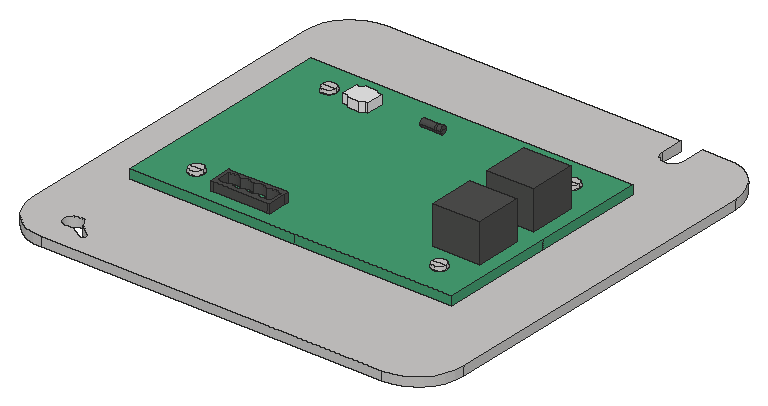
Revit family "3468A_NX_Contact_Closure_Interface", category Communication Devices, host Face, Revit 2021
Family settings
  Host = Face
  Maintain Annotation Orientation = No
  Round Connector Dimension = Use Diameter
  Part Type = Normal
  OmniClass Number = 23.85.80.11.27
  OmniClass Title = Lighting Controls
  Cut with Voids When Loaded = No
  Shared = Yes
  Room Calculation Point = No
Parameters
  White Element = Glass, White, High Luminance
  Warranty = "5-Years Warranty"  # constant formula
  Voltage = 24 V
  Type Comments = "NX Contact closure Interface"  # constant formula
  Steel = Metal-Galvanized_Steel
  Product Page URL = ""
  Product Documentation Link = ""
  URL = "https://www.currentlighting.com/nxlightingcontrols"
  Model = "NX Contact closure Interface"  # constant formula
  Manufacturer = " NX Lighting Controls"  # constant formula
  Green Element = Plastic - Green
  Features = "• Mounts to standard 4 11/16” junction box, Raco #257 or similar\r\n(not supplied)\r\n• Removable terminal block for input connection\r\n• Connects to and is powered by NXSP SmartPORT™\r\n• Functions include: On/Off (standard), toggle On/Off, preset, raise,\r\nlower, timed On\r\n• Pilot light output terminals\r\n• Low voltage device: 24 VDC"
  Description = " NX Contact Closure Interface allows third party devices to\r\nprovide dry contact inputs to an NX distributed control system. "  # constant formula
  Default Elevation = 48.00"
  Copyright = "Copyright © NX Lighting Controls"  # constant formula
  Contact Us = ""
  Black Material = Paint -  Black Matte Textured
  Assembly Code = "D5090"
  Apparent Load = 0 VA
Reference planes (in)
  plane 1 "Center (Front/Back)": y = 11.68155
  plane 2: z = 0
  plane 3 "Center (Left/Right)": x = 0
  plane 4: z = 1.38
  plane 5: x = 2.38
  plane 6: x = -2.38
  plane 7: y = 14.06155
  plane 8: y = 9.30155
Forms (in)
  Extrusion 1, solid, material "Metal-Galvanized_Steel" <- "Steel"
    sketch origin (0, 0, 0) x (1, 0, 0) y (0, 1, 0)
      loop
        line (-1.88, 9.30155) -> (1.88, 9.30155)
        arc (1.88, 9.30155) -> (2.23355, 9.448) -> (2.38, 9.80155) r 0.5
        line (2.38, 9.80155) -> (2.38, 13.56155)
        arc (2.38, 13.56155) -> (2.23355, 13.91511) -> (1.88, 14.06155) r 0.5
        line (1.88, 14.06155) -> (1.61769, 14.06155) -> (1.61769, 13.81155)
        arc (1.61769, 13.81155) -> (1.49269, 13.68655) -> (1.36769, 13.81155) r 0.125
        line (1.36769, 13.81155) -> (1.36769, 14.06155) -> (-1.88, 14.06155)
        arc (-1.88, 14.06155) -> (-2.23355, 13.91511) -> (-2.38, 13.56155) r 0.5
        line (-2.38, 13.56155) -> (-2.38, 9.80155)
        arc (-2.38, 9.80155) -> (-2.23355, 9.448) -> (-1.88, 9.30155) r 0.5
      loop
        arc (-1.73425, 9.67849) -> (-1.92135, 9.72883) -> (-1.77598, 9.60074) r 0.09949
        line (-1.77598, 9.60074) -> (-1.64496, 9.51237)
        arc (-1.64496, 9.51237) -> (-1.58402, 9.52421) -> (-1.59586, 9.58515) r 0.0439
        line (-1.59586, 9.58515) -> (-1.73425, 9.67849)
    from 0.1 to 0
  Extrusion 2, solid, material "Plastic - Green" <- "Green Element"
    sketch origin (0, 0, 0) x (1, 0, 0) y (0, 1, 0)
      loop
        line (-1.8125, 12.93155) -> (-1.8125, 11.68155) -> (-1.8125, 10.43155) -> (0, 10.43155) -> (1.75, 10.43155) -> (1.75, 11.68155) -> (1.75, 12.93155) -> (0, 12.93155) -> (-1.8125, 12.93155)
    from 0.3 to 0.2
  Revolve 3, solid, material "Metal-Galvanized_Steel" <- "Steel"
    sketch origin (0, 12.59795, 0) x (1, 0, 0) y (0, 0, 1)
      loop
        line (-1.34349, 0.33405) -> (-1.34349, 0) -> (-1.22734, 0) -> (-1.22734, 0.08365) -> (-1.22734, 0.12718) -> (-1.26074, 0.16058) -> (-1.26074, 0.2) -> (-1.26074, 0.2594) -> (-1.26074, 0.3) -> (-1.26987, 0.33405) -> (-1.34349, 0.33405)
      axis (-1.34349, 0.33405) -> (-1.34349, 0)
    angle from 0 to 360
  Revolve 4, solid, material "Metal-Galvanized_Steel" <- "Steel"
    sketch origin (0, 10.76516, 0) x (1, 0, 0) y (0, 0, -1)
      loop
        line (-1.34349, -0.33405) -> (-1.26987, -0.33405) -> (-1.26074, -0.3) -> (-1.26074, -0.2594) -> (-1.26074, -0.2) -> (-1.26074, -0.16058) -> (-1.22734, -0.12718) -> (-1.22734, -0.08365) -> (-1.22734, 0) -> (-1.34349, 0) -> (-1.34349, -0.33405)
      axis (-1.34349, -0.33405) -> (-1.34349, 0)
    angle from 0 to 360
  Revolve 5, solid, material "Metal-Galvanized_Steel" <- "Steel"
    sketch origin (0, 12.59795, 0) x (-1, 0, 0) y (0, 0, -1)
      loop
        line (-1.34349, -0.33405) -> (-1.26987, -0.33405) -> (-1.26074, -0.3) -> (-1.26074, -0.2594) -> (-1.26074, -0.2) -> (-1.26074, -0.16058) -> (-1.22734, -0.12718) -> (-1.22734, -0.08365) -> (-1.22734, 0) -> (-1.34349, 0) -> (-1.34349, -0.33405)
      axis (-1.34349, -0.33405) -> (-1.34349, 0)
    angle from 0 to 360
  Revolve 6, solid, material "Metal-Galvanized_Steel" <- "Steel"
    sketch origin (0, 10.76516, 0) x (-1, 0, 0) y (0, 0, 1)
      loop
        line (-1.34349, 0.33405) -> (-1.34349, 0) -> (-1.22734, 0) -> (-1.22734, 0.08365) -> (-1.22734, 0.12718) -> (-1.26074, 0.16058) -> (-1.26074, 0.2) -> (-1.26074, 0.2594) -> (-1.26074, 0.3) -> (-1.26987, 0.33405) -> (-1.34349, 0.33405)
      axis (-1.34349, 0.33405) -> (-1.34349, 0)
    angle from 0 to 360
  Extrusion 7, solid, material "Paint -  Black Matte Textured" <- "Black Material"
    sketch origin (0, 0, 0) x (1, 0, 0) y (0, 1, 0)
      loop
        line (1.07477, 12.26881) -> (1.07477, 11.75081) -> (1.59142, 11.75081) -> (1.59142, 12.26881) -> (1.07477, 12.26881)
      loop
        line (1.07477, 11.51881) -> (1.07477, 11.00717) -> (1.59142, 11.00717) -> (1.59142, 11.51881) -> (1.07477, 11.51881)
    from 0.72 to 0.3
  Extrusion 8, solid, material "Paint -  Black Matte Textured" <- "Black Material"
    sketch origin (0, 0, 0) x (1, 0, 0) y (0, 1, 0)
      loop
        line (-1.00063, 10.82725) -> (-1.03163, 10.82725) -> (-1.03163, 10.76408) -> (-1.03163, 10.57725) -> (-1.00063, 10.57725) -> (-0.41001, 10.57725) -> (-0.37901, 10.57725) -> (-0.37901, 10.76408) -> (-0.37901, 10.82725) -> (-0.41001, 10.82725) -> (-1.00063, 10.82725)
      loop
        line (-1.00063, 10.76408) -> (-1.00063, 10.64042)
        arc (-1.00063, 10.64042) -> (-0.92719, 10.61013) -> (-0.85375, 10.64042) r 0.10418
        arc (-0.85375, 10.64042) -> (-0.78031, 10.61013) -> (-0.70687, 10.64042) r 0.10418
        arc (-0.70687, 10.64042) -> (-0.63344, 10.61013) -> (-0.56, 10.64042) r 0.10418
        arc (-0.56, 10.64042) -> (-0.48432, 10.61016) -> (-0.41001, 10.64365) r 0.10418
        line (-0.41001, 10.64365) -> (-0.41001, 10.76085)
        arc (-0.41001, 10.76085) -> (-0.48432, 10.79434) -> (-0.56, 10.76408) r 0.10418
        arc (-0.56, 10.76408) -> (-0.63344, 10.79436) -> (-0.70687, 10.76408) r 0.10418
        arc (-0.70687, 10.76408) -> (-0.78031, 10.79436) -> (-0.85375, 10.76408) r 0.10418
        arc (-0.85375, 10.76408) -> (-0.92719, 10.79436) -> (-1.00063, 10.76408) r 0.10418
    from 0.4 to 0.3
  Revolve 9, solid, material "Paint -  Black Matte Textured" <- "Black Material"
    sketch origin (0, 0, 0.36102) x (1, 0, 0) y (0, 1, 0)
      loop
        line (-0.28655, 12.57268) -> (-0.06105, 12.57268) -> (-0.06105, 12.61114) -> (-0.10469, 12.61114)
        arc (-0.10469, 12.61114) -> (-0.11469, 12.60114) -> (-0.12469, 12.61114) r 0.01
        line (-0.12469, 12.61114) -> (-0.28655, 12.61114) -> (-0.28655, 12.57268)
      axis (-0.28655, 12.57268) -> (-0.06105, 12.57268)
    angle from 0 to 360
  Extrusion 10, solid, material "Glass, White, High Luminance" <- "White Element"
    sketch origin (0, 0, 0) x (1, 0, 0) y (0, 1, 0)
      loop
        line (-1.02758, 12.70579) -> (-1.05963, 12.67374) -> (-1.09956, 12.67374) -> (-1.09956, 12.48784) -> (-1.05963, 12.48784) -> (-1.02758, 12.45579) -> (-0.89728, 12.45579) -> (-0.86523, 12.48784) -> (-0.8253, 12.48784) -> (-0.8253, 12.67374) -> (-0.86523, 12.67374) -> (-0.89728, 12.70579) -> (-1.02758, 12.70579)
    from 0.4 to 0.3
Dimensions and locks (in)
  aligned and locked: plane 2 to host face
  aligned and locked: level to host face
  aligned and locked: Extrusion 8 to Extrusion 2
  aligned and locked: Extrusion 7 to Extrusion 2
Connectors (in)
  electrical at (0.49756, 12.43322, 0)
    settings: on Extrusion 1, index 1, voltage 0 V, apparent load 0 VA, apparent load phase1 0 VA, apparent load phase2 0 VA, apparent load phase3 0 VA, power factor 1, load classification "Other", number of poles 1, system type 13, power factor state 1, is connector primary yes, connector utility no, sub classification motor no, connector description ""
